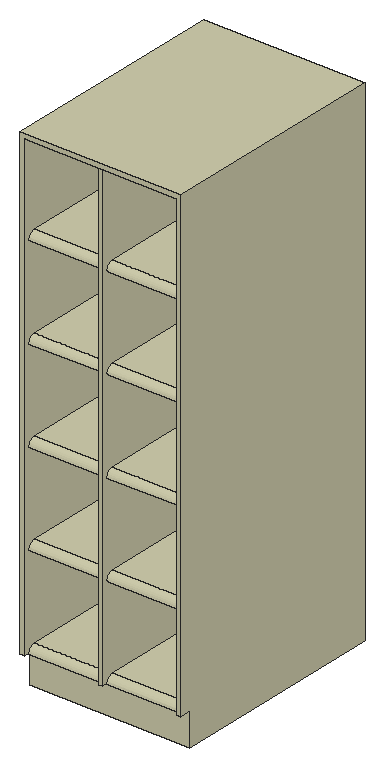
Revit family "Wenger Cabinet 05", category Furniture, Revit 2011
Parameters (values of type "Standard Cabinet #5")
  URL = "http://www.wengercorp.com/Home/Contact.html"
  Toekick Material [instance] = none
  RH End Panel [instance] = no
  Model = "05"
  Manufacturer = "Wenger Corporation"
  LH End Panel [instance] = no
  End Panel Material [instance] = none
  Edge Banding Material [instance] = none
  Door Material [instance] = none
  Description = "Standard Cabinet #5"
  Cabinet Width = 2' - 3 1/2"
  Cabinet Label = Labels : Standard
  Cabinet Height = 7' - 1 5/8"
  Cabinet Depth = 3' - 3 1/4"
  Cabinet Back Thickness = 0' - 0 3/4"
  Assembly Code = ""
Types (4): name | Model | Description | Cabinet Width | Cabinet Label | Cabinet Depth | Cabinet Back Thickness
  Standard Cabinet #5 | "05" | "Standard Cabinet #5" | 2' - 3 1/2" | Labels : Standard | 3' - 3 1/4" | 0' - 0 3/4"
  Narrow Cabinet #5 | "05N" | "Narrow Cabinet #5" | 1' - 9 1/2" | Labels : Narrow | 3' - 3 1/4" | 0' - 0 3/4"
  Narrow Acoustic Cabinet #5 | "05NA" | "Narrow Acoustic Cabinet #5" | 1' - 9 1/2" | Labels : Narrow Acoustic | 3' - 5 3/4" | 0' - 3 1/4"
  Acoustic Cabinet #5 | "05A" | "Acoustic Cabinet #5" | 2' - 3 1/2" | Labels : Acoustic | 3' - 5 3/4" | 0' - 3 1/4"
Reference planes (in)
  plane 1 "Front": y = 0
  plane 2: z = 0
  plane 3 "Left": x = 0
  plane 4 "Right": x = 27.5
  plane 5 "Back": y = 39.25
  plane 6 "Top": z = 85.625
  plane 7: z = 5.625
  plane 8: z = 21.475
  plane 9: z = 37.325
  plane 10: z = 53.175
  plane 11: z = 69.025
  plane 12: x = 0.75
  plane 13: x = 26.75
  plane 14: z = 84.875
  plane 15: x = 13.375
  plane 16: x = 14.125
  plane 17: y = 38.5
  plane 18: y = 2
  plane 19: y = 0.75
  plane 20: z = 22.6
  plane 21: z = 38.45
  plane 22: z = 54.3
  plane 23: z = 70.15
  plane 24: z = 6.75
Forms (in)
  Extrusion 1, solid, material "Wenger - Oyster"
    sketch origin (0, 0, 0) x (0, 1, 0) y (0, 0, 1)
      loop
        line (0, 85.625) -> (0, 5.625) -> (2, 5.625) -> (2, 0) -> (39.25, 0) -> (39.25, 85.625) -> (0, 85.625)
    from 0 to 27.5
  Extrusion 2, void
    sketch origin (0, 0, 0) x (0, 1, 0) y (0, 0, 1)
      loop
        line (-5.5, 84.875) -> (-5.5, 5.625) -> (0.75, 5.625)
        arc (0.75, 5.625) -> (1.18296, 6.40088) -> (2, 6.75) r 1.375
        line (2, 6.75) -> (38.5, 6.75) -> (38.5, 21.475) -> (0.75, 21.475)
        arc (0.75, 21.475) -> (1.18296, 22.25088) -> (2, 22.6) r 1.375
        line (2, 22.6) -> (38.5, 22.6) -> (38.5, 37.325) -> (0.75, 37.325)
        arc (0.75, 37.325) -> (1.18296, 38.10088) -> (2, 38.45) r 1.375
        line (2, 38.45) -> (38.5, 38.45) -> (38.5, 53.175) -> (0.75, 53.175)
        arc (0.75, 53.175) -> (1.18296, 53.95088) -> (2, 54.3) r 1.375
        line (2, 54.3) -> (38.5, 54.3) -> (38.5, 69.025) -> (0.75, 69.025)
        arc (0.75, 69.025) -> (1.18296, 69.80088) -> (2, 70.15) r 1.375
        line (2, 70.15) -> (38.5, 70.15) -> (38.5, 84.875) -> (-5.5, 84.875)
    from 0.75 to 13.375
  Extrusion 3, void
    sketch origin (0, 0, 0) x (0, 1, 0) y (0, 0, 1)
      loop
        line (-5.5, 84.875) -> (-5.5, 5.625) -> (0.75, 5.625)
        arc (0.75, 5.625) -> (1.18296, 6.40088) -> (2, 6.75) r 1.375
        line (2, 6.75) -> (38.5, 6.75) -> (38.5, 21.475) -> (0.75, 21.475)
        arc (0.75, 21.475) -> (1.18296, 22.25088) -> (2, 22.6) r 1.375
        line (2, 22.6) -> (38.5, 22.6) -> (38.5, 37.325) -> (0.75, 37.325)
        arc (0.75, 37.325) -> (1.18296, 38.10088) -> (2, 38.45) r 1.375
        line (2, 38.45) -> (38.5, 38.45) -> (38.5, 53.175) -> (0.75, 53.175)
        arc (0.75, 53.175) -> (1.18296, 53.95088) -> (2, 54.3) r 1.375
        line (2, 54.3) -> (38.5, 54.3) -> (38.5, 69.025) -> (0.75, 69.025)
        arc (0.75, 69.025) -> (1.18296, 69.80088) -> (2, 70.15) r 1.375
        line (2, 70.15) -> (38.5, 70.15) -> (38.5, 84.875) -> (-5.5, 84.875)
    from 14.125 to 26.75
  Extrusion 4, void
    sketch origin (0, 0, 0) x (0, 1, 0) y (0, 0, 1)
      loop
        line (0, 84.875) -> (0, 5.625) -> (0.0625, 5.625) -> (0.0625, 84.875) -> (0, 84.875)
    from 0.75 to 26.75
Cuts and joins
  Extrusion 2, Extrusion 3, Extrusion 4 cuts Extrusion 1
Lines and regions (in)
  symbolic lines
    curve 1: line (0, 39.25, 0) -> (27.5, 39.25, 0)
    curve 2: line (0, 0, 0) -> (0, 39.25, 0)
    curve 3: line (27.5, 0, 0) -> (0, 0, 0)
    curve 4: line (27.5, 39.25, 0) -> (27.5, 0, 0)
Dimensions and locks (in)
  locked: plane 3 "Left" to plane 12 at 0.75
  locked: plane 15 to plane 16 at 0.75
  locked: plane 13 to plane 4 "Right" at 0.75
  "Cabinet Back Thickness": plane 5 "Back" to plane 17
  locked: plane 1 "Front" to plane 19 at 0.75
  locked: plane 1 "Front" to plane 18 at 2
  locked: plane 20 to plane 8 at 1.125
  locked: plane 21 to plane 9 at 1.125
  locked: plane 22 to plane 10 at 1.125
  locked: plane 23 to plane 11 at 1.125
  locked: plane 6 "Top" to plane 14 at 0.75
  equal spacing: plane 14, plane 11, plane 10, plane 9, plane 8, plane 7
  locked: plane 24 to plane 7 at 1.125
  equal spacing: plane 13, plane 15, plane 3 "Left"
  "Cabinet Width": plane 3 "Left" to plane 4 "Right"
  locked: plane 7 to level at 5.625
  "Cabinet Height": plane 6 "Top" to level
  "Cabinet Depth": plane 1 "Front" to plane 5 "Back"
  plane 12 to plane 13 = 2' - 2"
  plane 14 to plane 7 = 6' - 7 1/4"
  aligned and locked: Extrusion 1 sketch curve to plane 6 "Top"
  aligned and locked: Extrusion 1 sketch curve to plane 5 "Back"
  aligned and locked: Extrusion 1 sketch curve to plane 1 "Front"
  aligned and locked: Extrusion 1 sketch curve to plane 7
  aligned and locked: Extrusion 1 sketch curve to plane 18
  aligned and locked: Extrusion 1 sketch curve to level
  aligned and locked: Extrusion 1 to plane 4 "Right"
  aligned and locked: Extrusion 1 to plane 3 "Left"
  aligned and locked: Extrusion 2 sketch curve to plane 14
  aligned and locked: Extrusion 2 sketch curve to plane 17
  aligned and locked: Extrusion 2 sketch curve to plane 11
  aligned and locked: Extrusion 2 sketch curve to plane 22
  aligned and locked: Extrusion 2 sketch curve to plane 10
  aligned and locked: Extrusion 2 sketch curve to plane 21
  aligned and locked: Extrusion 2 sketch curve to plane 9
  aligned and locked: Extrusion 2 sketch curve to plane 20
  aligned and locked: Extrusion 2 sketch curve to plane 8
  aligned and locked: Extrusion 2 sketch curve to plane 24
  aligned and locked: Extrusion 2 sketch curve to plane 23
  aligned and locked: Extrusion 2 to plane 12
  aligned and locked: plane 15 to Extrusion 2
  aligned and locked: Extrusion 3 to plane 13
  aligned and locked: Extrusion 4 sketch curve to cut or joined group of Extrusion 1, Extrusion 2, Extrusion 3, Extrusion 4  (x3)
  aligned and locked: Extrusion 4 to plane 13
  aligned and locked: Extrusion 4 to plane 12
  aligned and locked: plane 3 "Left" to curve 2
  aligned and locked: curve 1 to plane 5 "Back"
  aligned and locked: plane 4 "Right" to curve 4
  aligned and locked: curve 3 to plane 1 "Front"
  aligned and locked: Extrusion 3 to plane 16
Automatic sketch dimensions
  Extrusion 2 sketch curve to plane 7 = 0' - 0"
  Extrusion 2 sketch curve to plane 19 = 0' - 0"  (x5)
  Extrusion 2 sketch curve to plane 18 = 0' - 0"  (x5)
  Extrusion 2 sketch curve to plane 17 = 0' - 0"  (x4)
  plane 1 "Front" to Extrusion 2 sketch curve = 0' - 5 1/2"
  Extrusion 2 sketch curve to plane 18 = 0' - 0.10279"  (x5)
  Extrusion 3 sketch curve to plane 14 = 0' - 0"
  Extrusion 3 sketch curve to plane 7 = 0' - 0"
  Extrusion 3 sketch curve to plane 19 = 0' - 0"  (x5)
  Extrusion 3 sketch curve to plane 11 = 0' - 0"
  Extrusion 3 sketch curve to plane 8 = 0' - 0"
  Extrusion 3 sketch curve to plane 10 = 0' - 0"
  Extrusion 3 sketch curve to plane 9 = 0' - 0"
  Extrusion 3 sketch curve to plane 18 = 0' - 0"  (x5)
  Extrusion 3 sketch curve to plane 17 = 0' - 0"  (x5)
  Extrusion 3 sketch curve to plane 24 = 0' - 0"
  Extrusion 3 sketch curve to plane 20 = 0' - 0"
  Extrusion 3 sketch curve to plane 21 = 0' - 0"
  Extrusion 3 sketch curve to plane 22 = 0' - 0"
  Extrusion 3 sketch curve to plane 23 = 0' - 0"
  plane 1 "Front" to Extrusion 3 sketch curve = 0' - 5 1/2"
  Extrusion 3 sketch curve to plane 18 = 0' - 0.10279"  (x5)
  plane 19 to Extrusion 4 sketch curve = 0' - 0 11/16"
Nested families (in)
  nested 1: "LH End Panel" at (0, 24.25, 0) x (0, -1, 0) z (0, 0, 1), End Panel Material <- "End Panel Material", visible <- "LH End Panel", Edge Banding Material <- "Edge Banding Material", type "20x84 LH"
    with End Panel Material none, Edge Banding Material none, End Panel Depth 3' - 3 1/4"
  nested 2: "RH End Panel" at (28.25, 24.25, 0) x (0, -1, 0) z (0, 0, 1), End Panel Material <- "End Panel Material", visible <- "RH End Panel", Edge Banding Material <- "Edge Banding Material", type "20x84 RH"
    with End Panel Material none, Edge Banding Material none, End Panel Depth 3' - 3 1/4"
  nested 3: "Labels" at (11.125, 16.59467, 0), type <- "Cabinet Label", type "Standard"
  nested 4: "Front Note" at (11.6216, 0.75, 0), type "Front Note", detail levels medium+fine
Definition of nested family "LH End Panel"
  Parameters (values of type "20x84 LH")
    End Panel Material [instance] = none
    End Panel Height = 7' - 1 5/8"
    End Panel Depth = 1' - 7 1/4"
    Edge Banding Material [instance] = none
    Default Elevation = 4' - 0"
    Assembly Code = ""
  Reference planes (in)
    plane 1 "Center (Front/Back)": y = 0
    plane 2: z = 0
    plane 3 "Center (Left/Right)": x = 0
    plane 4: x = -15
    plane 5: x = 4.25
    plane 6: z = 5.625
    plane 7: x = 2.25
    plane 8: z = 85.625
    plane 9: y = -0.75
  Forms (in)
    Extrusion 1, solid, material <- "End Panel Material"
      sketch origin (0, 0, 0) x (1, 0, 0) y (0, 0, 1)
        loop
          line (-15, 85.625) -> (-15, 0) -> (2.25, 0) -> (2.25, 5.625) -> (4.25, 5.625) -> (4.25, 85.625) -> (-15, 85.625)
      from 0 to 0.75
  Dimensions and locks (in)
    locked: plane 7 to plane 5 at 2
    locked: plane 6 to level at 5.625
    "End Panel Height": plane 8 to level
    "End Panel Depth": plane 5 to plane 4
    locked: plane 9 to plane 1 "Center (Front/Back)" at 0.75
    aligned and locked: plane 4 to Extrusion 1 sketch curve
    aligned and locked: level to Extrusion 1 sketch curve
    aligned and locked: plane 7 to Extrusion 1 sketch curve
    aligned and locked: plane 6 to Extrusion 1 sketch curve
    aligned and locked: Extrusion 1 sketch curve to plane 5
    aligned and locked: Extrusion 1 sketch curve to plane 8
    aligned and locked: Extrusion 1 to plane 9
    aligned and locked: Extrusion 1 to plane 1 "Center (Front/Back)"
Definition of nested family "RH End Panel"
  Parameters (values of type "20x84 RH")
    End Panel Material [instance] = none
    End Panel Height = 7' - 1 5/8"
    End Panel Depth = 1' - 7 1/4"
    Edge Banding Material [instance] = none
    Default Elevation = 4' - 0"
    Assembly Code = ""
  Reference planes (in)
    plane 1 "Center (Front/Back)": y = 0
    plane 2: z = 0
    plane 3 "Center (Left/Right)": x = 0
    plane 4: x = -15
    plane 5: x = 4.25
    plane 6: z = 5.625
    plane 7: x = 2.25
    plane 8: z = 85.625
    plane 9: y = -0.75
  Forms (in)
    Extrusion 1, solid, material <- "End Panel Material"
      sketch origin (0, 0, 0) x (1, 0, 0) y (0, 0, 1)
        loop
          line (-15, 85.625) -> (-15, 0) -> (2.25, 0) -> (2.25, 5.625) -> (4.25, 5.625) -> (4.25, 85.625) -> (-15, 85.625)
      from 0 to 0.75
  Dimensions and locks (in)
    locked: plane 7 to plane 5 at 2
    locked: plane 6 to level at 5.625
    "End Panel Height": plane 8 to level
    "End Panel Depth": plane 5 to plane 4
    locked: plane 9 to plane 1 "Center (Front/Back)" at 0.75
    aligned and locked: plane 4 to Extrusion 1 sketch curve
    aligned and locked: level to Extrusion 1 sketch curve
    aligned and locked: plane 7 to Extrusion 1 sketch curve
    aligned and locked: plane 6 to Extrusion 1 sketch curve
    aligned and locked: Extrusion 1 sketch curve to plane 5
    aligned and locked: Extrusion 1 sketch curve to plane 8
    aligned and locked: Extrusion 1 to plane 9
    aligned and locked: Extrusion 1 to plane 1 "Center (Front/Back)"
Definition of nested family "Labels"
  Parameters (values of type "Standard")
    Cabinet Label = "01"
  Types (4): name | Cabinet Label
    Standard | "01"
    Narrow | "01N"
    Narrow Acoustic | "01NA"
    Acoustic | "01A"
  Reference planes (in)
    plane 1: y = 0
    plane 2: x = 0
  Text (in)
    label "xxxx" at (-0.00018, 0.00754, 0), shows "Cabinet Label"
Definition of nested family "Front Note"
  Parameters (values of type "Front Note")
    Cabinet Label = "Front"
  Reference planes (in)
    plane 1: y = 0
    plane 2: x = 0
  Text (in)
    label "Front" at (-0.00018, 0.00754, 0), shows "Cabinet Label"
